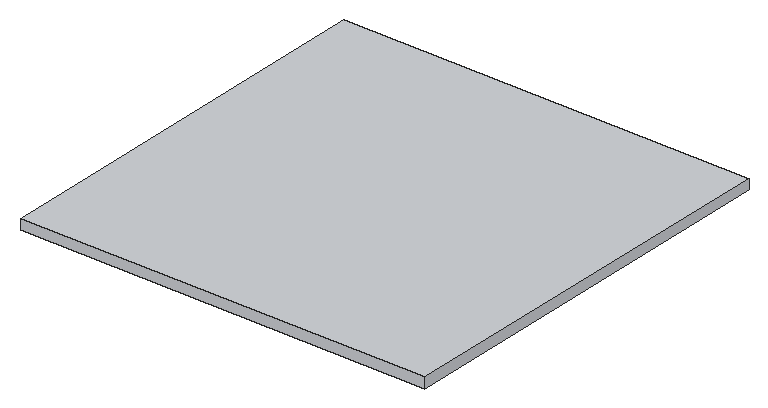
Revit family "8643500", category Aparatos sanitarios, Revit 2017
Family settings
  Anfitrión = Cara
  Cota de conector redondo = Diámetro de uso
  Tipo de pieza = Normal
  Número OmniClass = 23.45.55.14
  Título OmniClass = Single Faucets
  Corte con vacíos al cargar = No
  Compartido = No
  Punto de cálculo de habitación = No
Parameters (values of type "8643500")
  URL = "http://www.griferiasgalindo.com/ducha/theo/grifo-ducha-theo?c=es"
  Teléfono = "(+34) 915 782 575"
  TIPO DE AGUA = "Fria/Caliente"
  REFERENCIA = "8643500"
  Presión Máxima = "8 bar"
  PESO BRUTO = "3.36 Kg"
  Modelo = "GRIFO DE DUCHA sin accesorios"
  Material = LATON CROMADO
  Imagen de tipo = <Ninguno>
  Fabricante = "PRESTO IBÉRICA"
  Default Elevation = 1219.2 mm
  ENTRADA = "Hembra 3/4\""
  Descripción = "Grupo ducha"
  Código de montaje = "C1030220"
  Contacto = "info@prestoiberica.com"
  Conexión AF = yes
  Conexión AC = yes
  Comentarios de tipo = "Cartucho sellado mezclador con discos cerámicos de Ø 35 mm.  Entradas hembra de 3/4\" con excéntricas y embellecedor."
  CIERRE = "Manual"
  CAUDAL = ""
  Accionamiento = "Mediante maneta"
Reference planes
  plane 1 "Centro (Frontal/Posterior)": y = 0
  plane 2: z = 0
  plane 3 "Centro (Izquierda/Derecha)": x = 0
Forms (mm)
  Extrusion 1, solid
    sketch origin (0, 0, 0) x (1, 0, 0) y (0, 1, 0)
      loop
        line (-100, 100) -> (-100, -100) -> (100, -100) -> (100, 100) -> (-100, 100)
    from 0 to -5
Dimensions and locks
  Extrusion 1 sketch curve to plane 1 "Centro (Frontal/Posterior)" = 100 mm
  aligned and locked: plane 2 to Extrusion 1
  aligned and locked: level to Extrusion 1
Connectors
  piping at (-74, -12, -19.8), diameter 19.1
    settings: on import instance, index 1, connector inside diameter 609.6 mm, connector length 0 mm, flow factor 0, pipe flow 0.0 L/s, pressure drop 0.0 Pa, fitting loss kfactor 0, connector angle 0.00°, fixture units 0, engagement length 0 mm, angle of deflection 0.00°, flow configuration 0, flow direction 1, fitting loss method 0, system type 19, joint type 0, gender type 0, connector reference index -1, connector utility 0, adjustable connector no, is connector primary yes, connector description ""
  piping at (75.7, -12, -19.8), diameter 19.1
    settings: on import instance, index 2, connector inside diameter 609.6 mm, connector length 0 mm, flow factor 0, pipe flow 0.0 L/s, pressure drop 0.0 Pa, fitting loss kfactor 0, connector angle 0.00°, fixture units 0, engagement length 0 mm, angle of deflection 0.00°, flow configuration 0, flow direction 1, fitting loss method 0, system type 19, joint type 0, gender type 0, connector reference index -1, connector utility 0, adjustable connector no, is connector primary no, connector description ""
